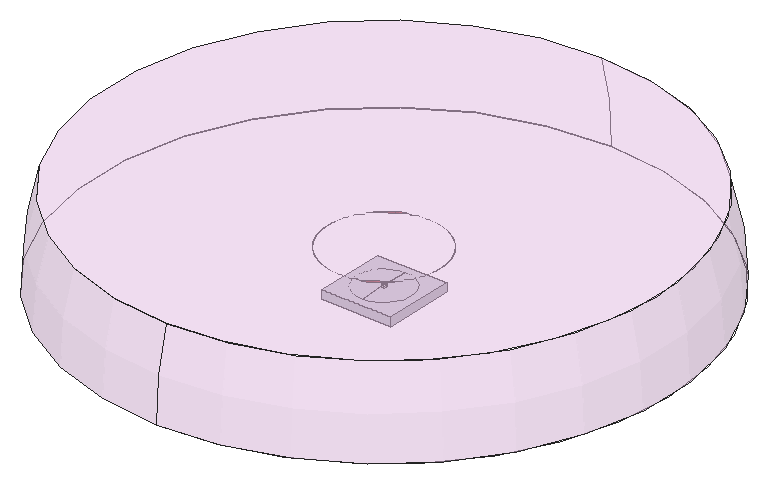
Revit family "Camera-Security-Panasonic-360-degree-Indoor-Dome-Network-S4150X", category Security Devices, host Face, Revit 2016
Family settings
  Host = Face
  Maintain Annotation Orientation = No
  Part Type = Normal
  Round Connector Dimension = Use Diameter
  OmniClass Number = 23.85.10.14.11
  OmniClass Title = Cameras
  Cut with Voids When Loaded = No
  Shared = No
  Room Calculation Point = No
Parameters (values of type "WV-S4150")
  z Void Direction [instance] = if((if(On Wall, 1, 0) + if(On Ceiling, 1, 0)) = 1, if(On Ceiling, 0, 1), 0)  # 0
  z Vertical FOV = 186.00°  # constant formula
  z VV Origin Height Offset [instance] = Height  # 1.98819"
  z VV Origin Height [instance] = 0.000"
  z Lenz to PPM Target X [instance] = 0.07874" * Focal Length * 1000 / (PPM Actual * Scanning Area H / Horizontal Resolution) - z Lenz to PPM Target H  # 90.09066"
  z Lenz to PPM Target H [instance] = Distance to Floor - PPM Target Height - z VV Origin Height Offset  # 46.04331"
  z Horizontal FOV = 186.00°  # constant formula
  z Camera Center Y Axis Offset [instance] = 0.000"
  z Camera Bottom Offset [instance] = 0.000"
  z Camera Angle [instance] = 90.00°
  z Base Raduius = 3.22835"
  z Base Height = 0.000"
  Wide Dynamic Range = yes
  Weight [instance] = 0.86 lbf
  Voltage DC = 12 V
  Vandal Resistant = no
  URL = "http://security.panasonic.com/pss/security/"
  Storage Temperature = "-22 °F to 140 °F"  # constant formula
  Show View Volume [instance] = yes
  Scanning Area V = 0.13976"
  Scanning Area H = 0.13976"
  Regulatory Compliance = "UL UL60950-1, C-UL CAN/CSA C22.2 No.60950-1, CE, IEC60950-1 FCC Part15 ClassA, ICES003 ClassA, EN55022 ClassB, EN55024"  # constant formula
  Radius_3 [instance] = Radius_1 * 0.123  # 0.36319"
  Radius_2 [instance] = Radius_1 * 0.2  # 0.59055"
  Radius_1 [instance] = Diameter / 2  # 2.95276"
  Provide Feedback = "https://www.surveymonkey.com/s/95FL6QY"
  Product Page URL = "https://security.panasonic.com/products/wv-s4150"
  Product Material = Paint - Panasonic - Sail White
  Product Documentation Link = "http://ssbu-t.psn-web.net/Products/IP_camera/WV-S4150/Specsheet/WV-S4150_A4.pdf"
  Power Active = 4.6 W
  Part Number = Model  # "WV-S4150"
  Part Description = Description  # "Security Camera, 360-degree, Indoor, Dome, 5 Megapixel, Network, S4150"
  PPM Target Height [instance] = 70.07874"
  PPM Desired [instance] = 300
  PPM Actual [instance] = if(PPM Desired > 1, PPM Desired, 1)  # 300
  Original Creation Date = "November, 09, 2017"
  Operational Temperature [instance] = "14°F to 122°F"  # constant formula
  Operational Humidity = "10% to 90% (no condensation)"
  On Wall [instance] = no
  On Ceiling [instance] = yes
  Mounting Positions = "Mount Dependent or Surface Mount"
  Model Disclaimer = "Contact Panasonic for more information"  # constant formula
  Model = "WV-S4150"
  Minimum Illumination = 0.3 lx
  Manufacturer = "Panasonic"  # constant formula
  Indoor Or Outdoor = "Indoor"
  IP Or Analog = "IP"
  Horizontal Resolution [instance] = 2192  # constant formula
  Height_Offset5 = 1.44663"
  Height_Offset4 [instance] = 0.39438"
  Height_Offset3 [instance] = (Height - Height_Offset2) * 0.278  # 0.32058"
  Height_Offset2 [instance] = Height * 0.42  # 0.83504"
  Height_Offset1 [instance] = Height * 0.1  # 0.19882"
  Height [instance] = 1.98819"
  Has POE = yes
  Focal Length = 0.03307"
  Family Version = "1.0.0"  # constant formula
  Equipment Number [instance] = ""
  Equipment Abbreviation = "SC"
  Distance to Screen [instance] = 393.70079"
  Distance to PPM Target [instance] = if(z Lenz to PPM Target X < z Lenz to PPM Target H, 0.000", sqrt(z Lenz to PPM Target X ^ 2 - z Lenz to PPM Target H ^ 2))  # 77.43605"
  Distance to Floor [instance] = 118.11024"
  Distance to Ceiling [instance] = 0.000"
  Diameter [instance] = 5.90551"
  Description = "Security Camera, 360-degree, Indoor, Dome, 5 Megapixel, Network, S4150"
  Default Elevation = 0.000"
  Day Or Night = "Yes"
  Date Last Modified = "November, 09, 2017"
  Copyright = "Copyright © Panasonic"  # constant formula
  Communication Ports = "10Base-T / 100Base-TX, RJ45 connector"
  z Camera Center X Axis Offset [instance] = 0.000"
  Audio Out = "Yes"
  Audio In = "Yes"
  Angle Of View = "180"
  Alarm Input Or Output Specification = "ALARM IN 1 (Auto time adjustment) (x1),ALARM IN 2 (ALARM OUT) (x1), ALARM IN 3 (AUX OUT) (x1)"
Reference planes (in)
  plane 1 "Center (Front/Back)": y = 0
  plane 2: z = 0
  plane 3 "Center (Left/Right)": x = 0
  plane 4: y = 0
Forms (in)
  Extrusion 1, solid
    sketch origin (0, 0, 0) x (1, 0, 0) y (0, 1, 0)
      loop
        line (-48, 48) -> (-48, -48) -> (48, -48) -> (48, 48) -> (-48, 48)
    from 0 to -12
  Revolve 2, solid, material "Paint - Panasonic - Sail White" <- "Product Material"
    sketch origin (0, 0, 0) x (0, 0, 1) y (-1, 0, 0)
      loop
        line (1.78937, 0) -> (0, 0) -> (0, -2.95276) -> (1.15315, -2.95276) -> (1.78937, -0.59055) -> (1.78937, 0)
      axis (1.78937, 0) -> (0, 0)
    angle from 0 to 360
  Revolve 3, solid, material "Glass - Panasonic - Smoked"
    sketch origin (0, 0, 0) x (0, 0, 1) y (-1, 0, 0)
      loop
        line (1.98819, 0) -> (1.78937, 0) -> (1.78937, -0.36319)
        arc (1.78937, -0.36319) -> (1.93631, -0.20761) -> (1.98819, 0) r 0.42259
      axis (1.98819, 0) -> (1.78937, 0)
    angle from 0 to 360
  Revolve 4, solid
    sketch origin (0, 0, 0) x (0, 0, 1) y (-1, 0, 0)
      loop
        line (0, -2.79528) -> (0, -2.95276) -> (0.83257, -2.95276) -> (0.83257, -2.79528) -> (0, -2.79528)
      axis (0.83257, 0) -> (0, 0)
    angle from -30 to 30
  Revolve 5, solid
    sketch origin (0, 0, 0) x (0, 0, 1) y (-1, 0, 0)
      loop
        line (0.83257, -2.79528) -> (0, -2.79528) -> (0, -2.95276) -> (0.83257, -2.95276) -> (0.83257, -2.79528)
      axis (0.83257, 0) -> (0, 0)
    angle from 90 to 150
  Revolve 6, solid
    sketch origin (0, 0, 0) x (0, 0, 1) y (-1, 0, 0)
      loop
        line (0, -2.79528) -> (0, -2.95276) -> (0.83257, -2.95276) -> (0.83257, -2.79528) -> (0, -2.79528)
      axis (0.83257, 0) -> (0, 0)
    angle from 210 to 270
Lines and regions (in)
  symbolic lines, not visible
    curve 1: line (-1.15, -2.6875, 0) -> (1.15, -2.6875, 0)
  reference lines
    curve 2: line (-1.1811, 0, 0) -> (2.04724, 0, 0)
    curve 3: line (0, 0, 0) -> (0, 0, 3.93701)
    curve 4: line (3.22835, 0, 0) -> (0, 0, 0)
    curve 5: line (0, 0, 1.78937) -> (4.20071, 0, 1.78937)
    curve 6: line (0, 0, 1.15315) -> (2.95276, 0, 1.15315)
    curve 7: line (0, 0, 0.83257) -> (2.95276, 0, 0.83257)
    curve 8: line (2.95276, 0, 0) -> (2.95276, 0, 1.15315)
    curve 9: line (0.59055, 0, 1.15315) -> (0.59055, 0, 1.78937)
    curve 10: line (0.36319, 0, 1.78937) -> (0.36319, 0, 1.98819)
    curve 11: line (2.79528, 0, 0) -> (2.79528, 0, 0.83257)
    curve 12: line (0, 0, 1.98819) -> (0.36319, 0, 1.98819)
Dimensions and locks (in)
  plane 1 "Center (Front/Back)" to plane 4 = 0.000"
  "z Camera Center Y Axis Offset": plane 4 to plane 1 "Center (Front/Back)"
  "z Camera Center Y Axis Offset": curve 2 to level
  "z Camera Center X Axis Offset": plane 3 "Center (Left/Right)" to curve 3
  "z Base Height": curve 3 to curve 4
  "Height": curve 12 to curve 4
  "Radius_1": curve 8 to curve 3
  "Height_Offset1": curve 12 to curve 5
  "Radius_2": curve 9 to curve 3
  "Radius_3": curve 10 to curve 3
  "Height_Offset2": curve 12 to curve 6
  "Height_Offset3": curve 6 to curve 7
  locked: curve 8 to curve 11 at 0.15748
  "z Camera Angle": angle curve 3 to curve 2
  aligned and locked: plane 2 to Extrusion 1
  aligned and locked: level to Extrusion 1
  aligned and locked: curve 2 to curve 3
  aligned and locked: Revolve 2 sketch curve to curve 3
  aligned and locked: Revolve 2 sketch curve to curve 5
  aligned and locked: curve 6 to Revolve 2 sketch curve
  aligned and locked: curve 4 to Revolve 2 sketch curve
  aligned and locked: Revolve 2 sketch curve to curve 8
  aligned and locked: Revolve 3 sketch curve to curve 12
  aligned and locked: Revolve 3 sketch curve to curve 5
  aligned and locked: Revolve 3 sketch curve to curve 10
  aligned and locked: Revolve 3 sketch curve to curve 3
  aligned and locked: Revolve 4 sketch curve to curve 3
  aligned and locked: Revolve 4 sketch curve to curve 11
  aligned and locked: Revolve 4 sketch curve to curve 8
  aligned and locked: curve 7 to Revolve 4 sketch curve
  aligned and locked: Revolve 4 sketch curve to curve 4
  aligned and locked: Revolve 5 sketch curve to curve 3
  aligned and locked: curve 7 to Revolve 5 sketch curve
  aligned and locked: Revolve 5 sketch curve to curve 11
  aligned and locked: Revolve 5 sketch curve to curve 8
  aligned and locked: Revolve 5 sketch curve to curve 4
  aligned and locked: Revolve 6 sketch curve to curve 3
  aligned and locked: curve 7 to Revolve 6 sketch curve
  aligned and locked: Revolve 6 sketch curve to curve 11
  aligned and locked: Revolve 6 sketch curve to curve 8
  aligned and locked: Revolve 6 sketch curve to curve 4
  aligned and locked: nested 1 to curve 3  (x2)
Automatic sketch dimensions
  Extrusion 1 sketch curve to Extrusion 1 sketch curve = 96.000"  (x2)
  curve 1 to plane 3 "Center (Left/Right)" = 1.150"
  plane 3 "Center (Left/Right)" to curve 1 = 1.150"
  plane 1 "Center (Front/Back)" to curve 1 = 2.6875"
  Revolve 2 sketch curve to curve 3 = 0.000"
  curve 3 to Revolve 2 sketch curve = 0.59055"
  Revolve 2 sketch curve to Revolve 2 sketch curve = 0.15503"
  Revolve 2 sketch curve to Revolve 2 sketch curve = 0.10168"
  Revolve 3 sketch curve to curve 3 = 0.000"
  curve 3 to Revolve 3 sketch curve = 0.00469"
  Revolve 3 sketch curve to Revolve 3 sketch curve = 0.05579"
  Revolve 3 sketch curve to Revolve 3 sketch curve = 0.02944"
  curve 3 to Revolve 4 sketch curve = 1.29762"
  Revolve 4 sketch curve to Revolve 4 sketch curve = 1.01951"
  curve 3 to Revolve 5 sketch curve = 1.2447"
  Revolve 5 sketch curve to Revolve 5 sketch curve = 1.07846"
  curve 3 to Revolve 6 sketch curve = 1.22468"
  Revolve 6 sketch curve to Revolve 6 sketch curve = 1.14853"
  curve 2 to plane 3 "Center (Left/Right)" = 1.1811"
  plane 3 "Center (Left/Right)" to curve 2 = 2.04724"
  curve 4 to curve 3 = 3.22835"
  curve 5 to curve 3 = 0.000"
  curve 6 to curve 3 = 0.000"
  curve 12 to curve 3 = 0.000"
  curve 7 to curve 3 = 0.000"
  curve 5 to curve 6 = 1.24796"
Nested families (in)
  nested 1: "Camera-Security-Panasonic-ViewVolume360" at (0, 0, 1.98819), HFOV <- "z Horizontal FOV", VFOV <- "z Vertical FOV", Ceiling Distance <- "Distance to Ceiling", Target Horizontal Distance <- "Distance to PPM Target", Object Height <- "PPM Target Height", Screen Depth <- "Distance to Screen", On Wall <- "On Wall", On Ceiling <- "On Ceiling", Base Height Offset <- "z VV Origin Height Offset", visible <- "Show View Volume", Floor Distance <- "Distance to Floor", type "Camera-Security-Panasonic-ViewVolume360"
    with z Yaw Actual 0.00°, z Void Width 826.77165", z Void Thickness 395.68898", z Void Height Start -413.38583", z Void Height End 413.38583", z Void Direction 0, z Void Angle 0.00°, z Viewpoint Origin Horizontal Offset 0.000", z Tilt Actual 0.00°, z Target Visible yes, z Target Horizontal Distance 77.43605", z Target Depth 46.04331", z Screen Depth 393.70079", z Pan Actual 0.00°, z Floor Distance 118.11024", z FOV Half 93.00°, z Ceiling Distance 0.000", z Camera Back Void Depth 397.6378", VFOV 186.00°, Target Horizontal Distance 77.43605", Screen Depth 393.70079", On Wall no, On Default Mount Type 0, On Ceiling yes, Object Height 70.07874", HFOV 186.00°, Floor Distance 118.11024", Ceiling Distance 0.000", Base Height Offset 1.98819", Base Angle Offset 0.00°
Connectors (in)
  electrical at (0, 0, 0), driven by "Voltage DC", driven by "Power Active"
    settings: on Revolve 2, index 1, voltage 12 V, apparent load 4.6 W, apparent load phase1 0.0 W, apparent load phase2 0.0 W, apparent load phase3 0.0 W, power factor 1, load classification "Other", number of poles 1, system type 30, power factor state 1, is connector primary yes, connector utility no, sub classification motor no, connector description "Electrical Connection"
  electrical at (0, 0, 0)
    settings: on Revolve 2, index 2, voltage 0 V, apparent load 0.0 W, apparent load phase1 0.0 W, apparent load phase2 0.0 W, apparent load phase3 0.0 W, power factor 1, load classification "Other", number of poles 1, system type 5, power factor state 1, is connector primary no, connector utility no, sub classification motor no, connector description "Data Connection"
Definition of nested family "Camera-Security-Panasonic-ViewVolume360"
  Parameters
    z Yaw Actual [instance] = 0.00°  # constant formula
    z Void Width [instance] = z Screen Depth * 2 + 39.37008"  # 826.77165"
    z Void Thickness [instance] = z Screen Depth + abs(Base Height Offset)  # 399.6063"
    z Void Height Start [instance] = -z Void Width / 2  # -413.38583"
    z Void Height End [instance] = z Void Width / 2  # 413.38583"
    z Void Direction [instance] = if((if(On Wall, 1, 0) + if(On Ceiling, 1, 0)) = 1, if(On Ceiling, 0, 1), On Default Mount Type)  # 0
    z Tilt Actual [instance] = if(z Void Direction = 0, 0.00°, if(z Void Direction = 1, 90.00°, 0.00°))  # 0.00°
    z Target Visible [instance] = and(Target Horizontal Distance > 0.03937", z Target Depth < z Screen Depth, z Target Depth > 3.93701")  # yes
    z Target Horizontal Distance [instance] = if(Target Horizontal Distance < 3.93701", 3.93701", Target Horizontal Distance)  # 78.74016"
    z Target Depth [instance] = if(if(z Void Direction = 0, z Floor Distance - Object Height - Base Height Offset, z Floor Distance - Object Height) < 3.93701", 3.93701", if(z Void Direction = 0, z Floor Distance - Object Height - Base Height Offset, z Floor Distance - Object Height))  # 42.12598"
    z Pan Actual [instance] = 0.00°  # constant formula
    z Floor Distance [instance] = if(Floor Distance < 3.93701", 3.93701", Floor Distance)  # 118.11024"
    z FOV Half [instance] = HFOV / 2  # 80.00°
    z Const Yaw Base2 Length = 17.32283"  # constant formula
    z Const Tilt Base2 Length = 19.68504"  # constant formula
    z Ceiling Distance [instance] = if(Ceiling Distance < 0.000", 0.000", Ceiling Distance)  # 0.000"
    z Const Void Handle Length = 23.62205"  # constant formula
    z Void Angle [instance] = if(z Void Direction = 0, 0.00° + Base Angle Offset, if(z Void Direction = 1, 90.00° + Base Angle Offset, 180.00° + Base Angle Offset))  # 0.00°
    z Screen Depth [instance] = if(Screen Depth < 7.87402", 7.87402", Screen Depth)  # 393.70079"
    z Camera Back Void Depth [instance] = z Screen Depth + z Screen Depth * 0.01  # 397.6378"
    Target Horizontal Distance [instance] = 78.74016"
    Original Creation Date = "September, 15, 2016"  # constant formula
    On Default Mount Type [instance] = 0
    Object Height [instance] = 70.07874"
    Manufacturer = "Panasonic"  # constant formula
    Family Version = "1.0.0"  # constant formula
    Default Elevation = 48.000"
    Date Last Modified = "September, 15, 2016"  # constant formula
    Copyright = "Copyright © Panasonic"  # constant formula
    Base Height Offset [instance] = 5.90551"
    Base Angle Offset [instance] = 0.00°
    VFOV [instance] = 33.75°
    z Target Thickness = 0.19685"  # constant formula
    Screen Depth [instance] = 393.70079"
    z Const Yaw Handle Length = 9.25197"  # constant formula
    z Const Yaw Base Length = 10.23622"  # constant formula
    z Viewpoint Origin Horizontal Offset [instance] = 0.000"  # constant formula
    z Const Tilt Handle Length = 14.17323"  # constant formula
    z Const Tilt Base Length = 9.84252"  # constant formula
    z Const Pan Handle Length = 19.68504"  # constant formula
    z Const Pan Axis Length = 15.74803"  # constant formula
    On Wall [instance] = no
    On Ceiling [instance] = yes
    HFOV [instance] = 160.00°
    Floor Distance [instance] = 118.11024"
    Ceiling Distance [instance] = 0.000"
  Reference planes (in)
    plane 1 "Center (Front/Back)": y = 0
    plane 2: z = 0
    plane 3 "Center (Left/Right)": x = 0
    plane 4 "VoidOffsetBase": z = -5.90551
  Forms (in)
    Extrusion 1, void
      sketch origin (0, 0, -5.90551) x (0, 0, 1) y (0, -1, 0)
        loop
          line (517.71654, 413.38583) -> (118.11024, 413.38583) -> (118.11024, -413.38583) -> (517.71654, -413.38583) -> (517.71654, 413.38583)
        loop
          line (0, 413.38583) -> (-399.6063, 413.38583) -> (-399.6063, -413.38583) -> (0, -413.38583) -> (0, 413.38583)
      from -413.38583 <- "z Void Height Start" to 413.38583 <- "z Void Height End"
    Revolve 2, solid, visible <- "z Target Visible"
      sketch origin (0, 0, 42.12598) x (0, 0, -1) y (0, 1, 0)
        loop
          circle (0, 78.74016) r 0.19685
        axis (0.19685, 0) -> (-0.19685, 0)
      angle from 0 to 360
    Revolve 3, solid
      sketch origin (0, 0, 0) x (0, 1, 0) y (0, 0, 1)
        loop
          line (0, 0) -> (387.71959, 68.36542)
          arc (387.71959, 68.36542) -> (253.06599, 301.5923) -> (0, 393.70079) r 393.70079
          line (0, 393.70079) -> (0, 0)
        axis (0, 0) -> (0, 393.70079)
      angle from 0 to 360
    Revolve 4, void
      sketch origin (0, 0, 0) x (0, 1, 0) y (0, 0, 1)
        loop
          line (0, 0) -> (0, -397.6378)
          arc (0, -397.6378) -> (304.60822, -255.59665) -> (391.59678, 69.04908) r 397.6378
          line (391.59678, 69.04908) -> (0, 0)
        axis (0, -397.6378) -> (0, 69.04908)
      angle from 0 to 360
  Cuts and joins
    Revolve 4 cuts Revolve 2
    Extrusion 1 cuts Revolve 3
  Lines and regions (in)
    reference lines
      curve 1: line (0, 0, 0) -> (19.68504, 0, 0)
      curve 2: line (0, 0, -15.74803) -> (0, 0, 0)
      curve 3: line (0, 0, 0) -> (0, -9.84252, 0)
      curve 4: line (0, 0, 0) -> (0, 0, 19.68504)
      curve 5: line (0, 0, 14.17323) -> (0, 0, 0)
      curve 6: line (0, 0, 0) -> (0, 10.23622, 0)
      curve 7: line (0, 0, 0) -> (-17.32283, 0, 0)
      curve 8: line (0, 0, 0) -> (-9.25197, 0, 0)
      curve 9: line (0, 0, 42.12598) -> (0, 0, 0)
      curve 10: line (0, 0, -5.90551) -> (0, 0, 17.71654)
      curve 11: line (0, -413.38583, 511.81102) -> (0, 413.38583, 511.81102)
      curve 12: line (0, -413.38583, 112.20472) -> (0, -413.38583, 511.81102)
      curve 13: line (0, 413.38583, 112.20472) -> (0, -413.38583, 112.20472)
      curve 14: line (0, 413.38583, 511.81102) -> (0, 413.38583, 112.20472)
      curve 15: line (0, -413.38583, -5.90551) -> (0, 413.38583, -5.90551)
      curve 16: line (0, -413.38583, -405.51181) -> (0, -413.38583, -5.90551)
      curve 17: line (0, 413.38583, -405.51181) -> (0, -413.38583, -405.51181)
      curve 18: line (0, 413.38583, -5.90551) -> (0, 413.38583, -405.51181)
  Dimensions and locks (in)
    "z Const Pan Handle Length": curve 1 to curve 1
    "z Const Pan Axis Length": curve 2 to curve 2
    "z Const Tilt Base Length": curve 3 to curve 3
    "z Const Pan Axis Length": curve 1 to curve 2
    "z Viewpoint Origin Horizontal Offset": curve 4 to curve 2
    "z Const Tilt Base2 Length": curve 4 to curve 4
    "z Const Tilt Handle Length": curve 5 to curve 5
    "z Const Yaw Base Length": curve 6 to curve 6
    "z Const Yaw Base2 Length": curve 7 to curve 7
    "z Const Yaw Handle Length": curve 8 to curve 8
    "z Target Depth": curve 9 to curve 9
    "z Const Void Handle Length": curve 10 to curve 10
    equal spacing: curve 12, curve 10, curve 14
    "z Void Width": curve 12 to curve 14
    "z Floor Distance": curve 13 to curve 10
    "z Ceiling Distance": curve 15 to curve 10
    "z Void Thickness": curve 17 to curve 15
    "z Void Thickness": curve 11 to curve 13
    "Base Height Offset": level to plane 4 "VoidOffsetBase"
    "z Target Horizontal Distance": curve 10 to Revolve 2 sketch curve
    "z Camera Back Void Depth": Revolve 4 sketch curve to Revolve 4 sketch curve  (x2)
    "z Screen Depth": Revolve 3 sketch curve to Revolve 3 sketch curve  (x2)
    "z Target Thickness": radius of Revolve 2 sketch curve
    "z Screen Depth": radius of Revolve 3 sketch curve
    "z Camera Back Void Depth": radius of Revolve 4 sketch curve
    locked: curve 3 to curve 2 (angle 90.00°)
    locked: curve 3 to curve 4 (angle 90.00°)
    "z Tilt Actual": angle curve 4 to curve 5
    locked: curve 6 to curve 7 (angle 90.00°)
    locked: curve 6 to curve 5 (angle 90.00°)
    locked: curve 9 to curve 5 (angle 0.00°)
    "z Void Angle": angle plane 1 "Center (Front/Back)" to curve 10
    "z Yaw Actual": angle curve 7 to curve 8
    "z Pan Actual": angle plane 1 "Center (Front/Back)" to curve 1
    "z FOV Half": angle Revolve 4 sketch curve to plane 1 "Center (Front/Back)"
    "z FOV Half": angle Revolve 3 sketch curve to plane 1 "Center (Front/Back)"
    aligned and locked: level to plane 2
    aligned and locked: curve 2 to curve 1
    aligned and locked: curve 2 to curve 3
    aligned and locked: curve 3 to curve 2
    aligned and locked: curve 3 to curve 5
    aligned and locked: curve 6 to curve 7
    aligned and locked: curve 6 to curve 8
    aligned and locked: curve 8 to curve 7
    aligned and locked: curve 7 to curve 6
    aligned and locked: plane 1 "Center (Front/Back)" to curve 10
    aligned and locked: curve 16 to curve 12
    aligned and locked: curve 14 to curve 18
    aligned and locked: Extrusion 1 sketch curve to curve 11
    aligned and locked: Extrusion 1 sketch curve to curve 12
    aligned and locked: Extrusion 1 sketch curve to curve 13
    aligned and locked: Extrusion 1 sketch curve to curve 14
    aligned and locked: Extrusion 1 sketch curve to curve 15
    aligned and locked: Extrusion 1 sketch curve to curve 16
    aligned and locked: Extrusion 1 sketch curve to curve 17
    aligned and locked: Extrusion 1 sketch curve to curve 18
    aligned and locked: Extrusion 1 sketch curve to Extrusion 1 sketch curve  (x8)
    aligned and locked: plane 3 "Center (Left/Right)" to curve 1
    aligned and locked: plane 1 "Center (Front/Back)" to curve 1
    aligned and locked: level to curve 2
    aligned and locked: plane 4 "VoidOffsetBase" to curve 10
    aligned and locked: plane 1 "Center (Front/Back)" to Revolve 4 sketch curve
    aligned and locked: level to Revolve 4 sketch curve
    aligned and locked: level to Revolve 3 sketch curve
    aligned and locked: plane 1 "Center (Front/Back)" to Revolve 3 sketch curve
  Automatic sketch dimensions
    curve 9 to curve 8 = 0.000"  (x2)
    curve 6 to curve 5 = 0.000"
    curve 6 to curve 5 = 10.23622"
    Revolve 2 sketch curve to curve 9 = 0.000"  (x3)
    curve 9 to Revolve 2 sketch curve = 0.000"
    Revolve 3 sketch curve to level = 0.000"
    Revolve 3 sketch curve to plane 1 "Center (Front/Back)" = 0.000"
    Revolve 3 sketch curve to Revolve 3 sketch curve = 0.000"
    Revolve 4 sketch curve to level = 0.000"
    Revolve 4 sketch curve to plane 1 "Center (Front/Back)" = 0.000"
    Revolve 4 sketch curve to Revolve 4 sketch curve = 107.05185"
